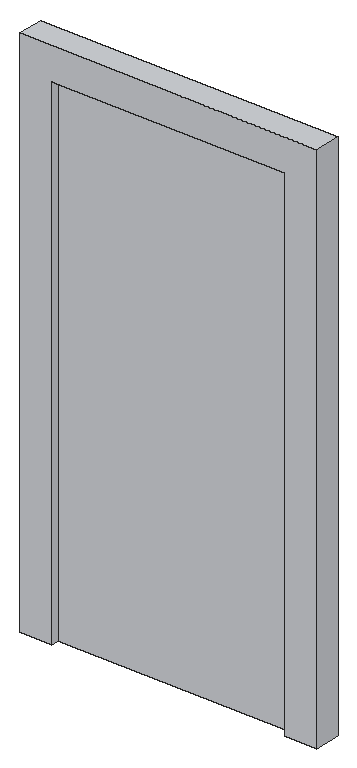
Revit family "Door", category Doors, host Wall, Revit 2025
Family settings
  Host = Wall
  OmniClass Number = 23.30.10.00
  OmniClass Title = Doors
  Always vertical = Yes
  Cut with Voids When Loaded = No
  Shared = No
  Room Calculation Point = No
Parameters (values of type "9")
  Thickness = 0' - 1 3/4"
  S_Door A = 75.00°
  Door Thickness = 0' - 1 3/4"
  S_Door Margin = 0' - 3 3/4"
  S_Door Inner Thickness = 0' - 3"
  S_Door G = 0' - 1.22013"
  Function = Interior
  Freezer = yes
  Frame Width Upper = 0' - 5"
  Frame Thickness = 0' - 4"
  Frame Width = 0' - 5"
  Height = Door Height + Frame Width Upper  # 6' - 11"
  Wall Closure = By host
  Width = Door Width + (2 * Frame Width)  # 3' - 10"
  Frame Head Depth = 0' - 5"
  Frame Depth Vert 1 = 0' - 1"
  Frame Depth Vert 2 = 0' - 0.01"
  Frame Depth Hori 2 = 0' - 5.01"
  Frame Depth Hori 1 = 0' - 3 3/4"
  S_Door Swing Length = 3' - 2"
  Door Width = 3' - 0"
  Door Height = 6' - 6"
  Define Thermal Properties by = Schematic Type
  Analytic Construction = "<None>"
Types (2): name | S_Door A | S_Door Margin | Freezer | Frame Width Upper | Frame Thickness | Frame Width | Height | Width | Frame Head Depth | Frame Depth Vert 2 | Frame Depth Hori 2 | Frame Depth Hori 1 | S_Door Swing Length | Door Width | Door Height
  3A | 81.0937° | 0' - 2" | no | 0' - 4" | 0' - 6" | 0' - 2" | 7' - 4" | 4' - 4" | 0' - 3" | 0' - 1" | 0' - 2" | 0' - 2" | 3' - 8" | 4' - 0" | 7' - 0"
  9 | 75.00° | 0' - 3 3/4" | yes | 0' - 5" | 0' - 4" | 0' - 5" | 6' - 11" | 3' - 10" | 0' - 5" | 0' - 0.01" | 0' - 5.01" | 0' - 3 3/4" | 3' - 2" | 3' - 0" | 6' - 6"
Reference planes (in)
  plane 1 "Center (Front/Back)": y = 0
  plane 2 "Center (Left/Right)": x = 0
  plane 3 "Left": x = -23
  plane 4 "Right": x = 23
  plane 5 "Top": z = 83
  plane 6 "Exterior": y = 7
  plane 7 "Interior": y = -7
  plane 8: y = 0
  plane 9: y = -2
  plane 10: y = 2
  plane 11: y = 3.22013
Forms (in)
  Extrusion 1, solid, detail levels fine
    sketch origin (0, 0, 0) x (1, 0, 0) y (0, 1, 0)
      loop
        line (-18, 0.875) -> (-18, -0.875) -> (18, -0.875) -> (18, 0.875) -> (-18, 0.875)
    from 0 to 78
  Extrusion 2, solid, detail levels fine
    sketch origin (0, 0, 0) x (1, 0, 0) y (0, 0, 1)
      loop
        line (-23, 0) -> (-18, 0) -> (-18, 78) -> (18, 78) -> (18, 0) -> (23, 0) -> (23, 83) -> (-23, 83) -> (-23, 0)
    from -2 to 2
Lines and regions (in)
  Opening 1
    outline origin (-90, -7, 0) x (1, 0, 0) y (0, 0, 1)
      loop
        line (67, 0) -> (113, 0) -> (113, 83) -> (67, 83) -> (67, 0)
  symbolic lines
    curve 1: line (-19.25, 2, 0) -> (-19.25, 40, 0)
    curve 2: line (-19.25, 40, 0) -> (-17.25, 40, 0)
    curve 3: line (-17.5, 40, 0) -> (-17.5, 2, 0)
    curve 15: line (-23, 2, 0) -> (-19.25, 2, 0)
    curve 16: line (-19.25, 2, 0) -> (-19.25, 1, 0)
    curve 17: line (-19.25, 1, 0) -> (-18, 1, 0)
    curve 18: line (-18, 1, 0) -> (-18, -1.99, 0)
    curve 19: line (-18, -1.99, 0) -> (-17.99, -1.99, 0)
    curve 20: line (-17.99, -1.99, 0) -> (-17.99, -2, 0)
    curve 21: line (-17.99, -2, 0) -> (-23, -2, 0)
    curve 22: line (-19.25, 2, 0) -> (-17.5, 2, 0)
    curve 23: line (23, 2, 0) -> (19.25, 2, 0)
    curve 24: line (19.25, 2, 0) -> (19.25, 1, 0)
    curve 25: line (19.25, 1, 0) -> (18, 1, 0)
    curve 26: line (18, 1, 0) -> (18, -1.99, 0)
    curve 27: line (18, -1.99, 0) -> (17.99, -1.99, 0)
    curve 28: line (17.99, -1.99, 0) -> (17.99, -2, 0)
    curve 29: line (17.99, -2, 0) -> (23, -2, 0)
    curve 30: arc (-17.25, 40, 0) -> (9.09507, 28.77552, 0) -> (19.25, 2, 0) r 36.52961
    curve 31: line (-17.5, 2, 0) -> (19.25, 2, 0)
    curve 32: line (17.99, -2, 0) -> (-17.99, -2, 0)
  symbolic lines, not visible
    curve 4: line (23, 1, 0) -> (23, -1, 0)
    curve 5: line (23, -1, 0) -> (24, -1, 0)
    curve 6: line (24, -1, 0) -> (24, -3, 0)
    curve 7: line (24, -3, 0) -> (26, -3, 0)
    curve 8: line (26, -3, 0) -> (26, 3, 0)
    curve 9: line (26, 3, 0) -> (24, 3, 0)
    curve 10: line (24, 3, 0) -> (24, 1, 0)
    curve 11: line (24, 1, 0) -> (23, 1, 0)
  symbolic lines, visible <- "Freezer"
    curve 12: line (-14.5, 37.97602, 0) -> (-14.5, 4.02398, 0)
    curve 13: line (-14.5, 37.97602, 0) -> (-17.5, 38.77987, 0)
    curve 14: line (-14.5, 4.02398, 0) -> (-17.5, 3.22013, 0)
Text (in)
  text "Exterior" at (-71.22539, 20.51343, 0), in view "Ref. Level"
  text "Interior" at (-71.22539, -15.26908, 0), in view "Ref. Level"
  text "Exterior" at (0, 40.15149, 123.01588), in view "Right"
  text "Interior" at (0, -64.39139, 123.01588), in view "Right"
  text "Interior" at (0, -31.01599, 123.00693), in view "Left"
  text "Exterior" at (0, 54.57065, 123.00693), in view "Left"
Dimensions and locks (in)
  equal spacing: Extrusion 1 sketch curve, host wall, Extrusion 1 sketch curve
  "Thickness": Extrusion 1 sketch curve to Extrusion 1 sketch curve
  equal spacing: plane 3 "Left", plane 2 "Center (Left/Right)", plane 4 "Right"
  "Width": plane 3 "Left" to plane 4 "Right"
  "Frame Width": Extrusion 2 sketch curve to Extrusion 2 sketch curve  (x2)
  "Frame Width Upper": plane 5 "Top" to Extrusion 2 sketch curve
  equal spacing: plane 10, plane 8, plane 9
  "Frame Thickness": plane 9 to plane 10
  "Height": plane 5 "Top" to level
  "S_Door Inner Thickness": curve 3 to curve 12
  "Door Thickness": curve 1 to curve 3
  "S_Door Margin": plane 3 "Left" to curve 1
  "Frame Depth Hori 1": plane 3 "Left" to curve 16
  "Frame Depth Hori 2": plane 3 "Left" to curve 20
  "Frame Depth Vert 1": curve 17 to plane 10
  "Frame Depth Vert 2": curve 19 to plane 9
  "Frame Head Depth": plane 3 "Left" to curve 18
  "Frame Depth Hori 1": curve 24 to plane 4 "Right"
  "Frame Depth Hori 2": curve 28 to plane 4 "Right"
  "Frame Depth Vert 2": curve 27 to plane 9
  "Frame Depth Vert 1": plane 10 to curve 25
  "Frame Head Depth": curve 26 to plane 4 "Right"
  "S_Door Swing Length": plane 10 to curve 2
  "S_Door G": plane 11 to plane 10
  "S_Door G": curve 13 to curve 2
  Extrusion 2 to level = 6' - 6"
  plane 3 "Left" to plane 4 "Right" = 3' - 10"
  Extrusion 2 to Extrusion 2 = 3' - 0"
  "S_Door A": angle curve 3 to curve 13
  "S_Door A": angle curve 14 to curve 3
  aligned and locked: plane 3 "Left" to Opening 1 sketch curve
  aligned and locked: plane 5 "Top" to Opening 1 sketch curve  (x2)
  aligned and locked: Opening 1 sketch curve to plane 4 "Right"
  aligned and locked: Opening 1 sketch curve to level
  aligned and locked: plane 6 "Exterior" to host wall
  aligned and locked: plane 7 "Interior" to host wall
  aligned and locked: plane 3 "Left" to Extrusion 2 sketch curve
  aligned and locked: Extrusion 2 sketch curve to plane 4 "Right"
  aligned and locked: Extrusion 2 sketch curve to plane 5 "Top"
  aligned and locked: Extrusion 2 to plane 10
  aligned and locked: Extrusion 2 to plane 9
  aligned and locked: Extrusion 2 to Extrusion 1 sketch curve  (x2)
  aligned and locked: Extrusion 1 to Extrusion 2
  aligned and locked: plane 3 "Left" to curve 15
  aligned and locked: plane 3 "Left" to curve 21
  aligned and locked: plane 9 to curve 21
  aligned and locked: plane 10 to curve 15
  aligned and locked: plane 10 to curve 22
  aligned and locked: plane 4 "Right" to curve 23
  aligned and locked: plane 4 "Right" to curve 29
  aligned and locked: curve 23 to plane 10
  aligned and locked: plane 10 to curve 31
  aligned and locked: plane 9 to curve 32
  aligned and locked: curve 28 to curve 32
  aligned and locked: curve 20 to curve 32
  aligned and locked: plane 11 to curve 14
Automatic sketch dimensions
  Extrusion 2 sketch curve to level = 0' - 0"  (x2)
  curve 3 to curve 2 = 0' - 0 1/4"
